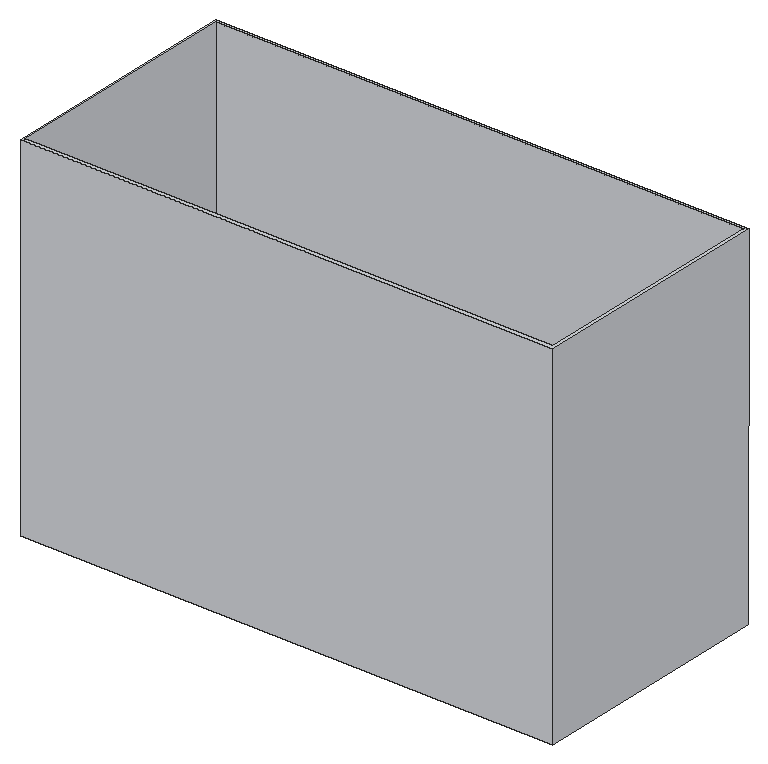
Revit family "ADR-10D CUTOUT-", category Plumbing Equipment, host Face, Revit 2024
Family settings
  Host = Face
  Round Connector Dimension = Use Diameter
  Classification = None
  Part Type = Normal
  OmniClass Number = 23.30.40.17
  OmniClass Title = Specialties for Openings
  Cut with Voids When Loaded = Yes
  Maintain Annotation Orientation = No
  Shared = No
  Room Calculation Point = No
Parameters (values of type "200Ø")
  Width [instance] = 450 mm
  IW = 446 mm
  IH = 201.965 mm
  Hight [instance] = 206 mm
  H [instance] = 100 mm
  Length [instance] = 300 mm
  Default Elevation = 1219.2 mm
  D [instance] = -Length  # -300 mm
Types (12, lengths in mm): name | Width | IW | Hight | H | Length | D
  100Ø | 450.222 | 446.222 | 205 | 50 | 300 | -300
  200Ø | 450 | 446 | 206 | 100 | 300 | -300
  250Ø | 450.222 | 446.222 | 205 | 125 | 300 | -300
  110Ø | 450.222 | 446.222 | 205 | 55 | 300 | -300
  75Ø | 450.222 | 446.222 | 205 | 37.5 | 396.184 | -396.184
  150Ø | 450.222 | 446.222 | 205 | 75 | 300 | -300
  350Ø | 450.222 | 446.222 | 205 | 175 | 300 | -300
  300Ø | 450.222 | 446.222 | 205 | 150 | 300 | -300
  80Ø | 450.222 | 446.222 | 205 | 40 | 396.184 | -396.184
  50Ø | 450.222 | 446.222 | 205 | 25 | 396.184 | -396.184
  175 | 450.222 | 446.222 | 205 | 87.5 | 300 | -300
  160Ø | 450.222 | 446.222 | 205 | 80 | 300 | -300
Reference planes
  plane 1 "Center (Front/Back)": y = 0
  plane 2: z = 0
  plane 3 "Center (Left/Right)": x = 0
  plane 4: z = -300
  plane 5: through (0, 0, 1219.2) normal (-0.7071, 0.7071, 0)
  plane 6: through (0, 0, 1219.2) normal (-0.7071, -0.7071, 0)
  plane 7: y = 100.983
  plane 8: x = 223
  plane 9: x = -223
  plane 10: y = -100.983
  plane 11: y = 102.983
  plane 12: x = 225.111
  plane 13: y = -102.983
  plane 14: x = -225.111
Forms (mm)
  Extrusion 1, void
    sketch origin (0, 0, 0) x (1, 0, 0) y (0, 1, 0)
      loop
        line (-223, -100.983) -> (223, -100.983) -> (223, 100.983) -> (-223, 100.983) -> (-223, -100.983)
    from 0 to -300
  Extrusion 2, void
    sketch origin (-803.328, -5279.633, -300) x (-1, 0, 0) y (0, -1, 0)
      loop
        line (-1028.439, -5382.616) -> (-578.217, -5382.616) -> (-578.217, -5176.65) -> (-1028.439, -5176.65) -> (-1028.439, -5382.616)
      loop
        line (-1026.328, -5178.65) -> (-1026.328, -5380.616) -> (-580.328, -5380.616) -> (-580.328, -5178.65) -> (-1026.328, -5178.65)
    from 0 to 300
  Extrusion 3, solid
    sketch origin (-1631.705, -4572, -300) x (-1, 0, 0) y (0, -1, 0)
      loop
        line (-1406.594, -4674.983) -> (-1406.594, -4469.017) -> (-1856.816, -4469.017) -> (-1856.816, -4674.983) -> (-1406.594, -4674.983)
      loop
        line (-1408.705, -4672.983) -> (-1408.705, -4471.017) -> (-1854.705, -4471.017) -> (-1854.705, -4672.983) -> (-1408.705, -4672.983)
    from 0 to 300
Lines and regions (mm)
  symbolic lines
    curve 1: line (-100, 0, 0) -> (100, 0, 0)
    curve 2: line (100, 0, -300) -> (-100, 0, -300)
    curve 3: line (-100, 0, 0) -> (100, 0, -300)
    curve 4: line (-100, 0, -300) -> (100, 0, 0)
    curve 5: line (-385.332, 76.628, 0) -> (-385.544, 76.479, 0)
    curve 6: line (-386.426, 75.85, 0) -> (-384.512, 77.198, 0)
Dimensions and locks
  "Length": level to plane 4
  Extrusion 3 to Extrusion 3 = 450.222 mm
  locked: Extrusion 3 to Extrusion 3 at 2  (x3)
  equal spacing: plane 14, plane 3 "Center (Left/Right)", plane 12
  equal spacing: plane 11, plane 1 "Center (Front/Back)", plane 13
  equal spacing: plane 9, plane 3 "Center (Left/Right)", plane 8
  plane 13 to plane 10 = 2 mm
  Extrusion 3 to plane 10 = 2 mm
  locked: plane 11 to plane 7 at 2
  equal spacing: plane 7, plane 1 "Center (Front/Back)", plane 10
  equal spacing: plane 13, plane 1 "Center (Front/Back)", plane 11
  "Hight": Extrusion 3 to Extrusion 3
  "IH": Extrusion 3 to Extrusion 3
  "IW": plane 9 to plane 8
  aligned and locked: plane 2 to host face
  aligned and locked: level to host face
  aligned and locked: Extrusion 1 to host face
  aligned and locked: curve 1 to host face
  aligned and locked: plane 4 to curve 2
  aligned and locked: level to Extrusion 2
  aligned and locked: Extrusion 2 to plane 4
  aligned and locked: level to Extrusion 3
  aligned and locked: Extrusion 3 to plane 4
  aligned and locked: plane 9 to Extrusion 1 sketch curve
  aligned and locked: Extrusion 1 sketch curve to plane 8
  aligned and locked: Extrusion 1 sketch curve to plane 10
  aligned and locked: Extrusion 1 sketch curve to plane 7
  aligned and locked: plane 12 to Extrusion 2
  aligned and locked: plane 13 to Extrusion 2
  aligned and locked: Extrusion 2 sketch curve to plane 14
  aligned and locked: plane 9 to Extrusion 2 sketch curve
  aligned and locked: plane 13 to Extrusion 2 sketch curve
  aligned and locked: Extrusion 2 sketch curve to plane 10
  aligned and locked: plane 12 to Extrusion 2 sketch curve
  aligned and locked: Extrusion 2 sketch curve to plane 8
  aligned and locked: Extrusion 2 sketch curve to plane 7
  aligned and locked: plane 9 to Extrusion 3 sketch curve
  aligned and locked: Extrusion 3 sketch curve to Extrusion 2  (x2)
  aligned and locked: plane 11 to Extrusion 3
  aligned and locked: plane 12 to Extrusion 3
  aligned and locked: Extrusion 3 to plane 8
  aligned and locked: plane 14 to Extrusion 3
  aligned and locked: plane 9 to Extrusion 3
  aligned and locked: plane 13 to Extrusion 3
  aligned and locked: plane 10 to Extrusion 3
  aligned and locked: plane 7 to Extrusion 3
  aligned and locked: Extrusion 3 sketch curve to plane 7
Automatic sketch dimensions
  host sketch curve to host sketch curve = 2438.4 mm  (x2)
  curve 6 to plane 1 "Center (Front/Back)" = 75.85 mm
  curve 6 to plane 1 "Center (Front/Back)" = 77.198 mm
  curve 6 to curve 5 = 0.882 mm
  curve 5 to curve 5 = 0.212 mm
  curve 6 to plane 3 "Center (Left/Right)" = 386.426 mm
  curve 5 to curve 6 = 0.82 mm
  curve 6 to curve 5 = 0.63 mm
  curve 5 to curve 5 = 0.149 mm
  curve 4 to plane 3 "Center (Left/Right)" = 100 mm
  curve 3 to plane 3 "Center (Left/Right)" = 100 mm
  plane 3 "Center (Left/Right)" to curve 3 = 100 mm
  plane 3 "Center (Left/Right)" to curve 4 = 100 mm
  Extrusion 3 sketch curve to Extrusion 3 sketch curve = 2 mm
  Extrusion 3 sketch curve to plane 12 = 0 mm
  Extrusion 3 sketch curve to plane 8 = 0 mm
  Extrusion 3 sketch curve to plane 14 = 0 mm
  plane 11 to Extrusion 2 sketch curve = 0 mm
